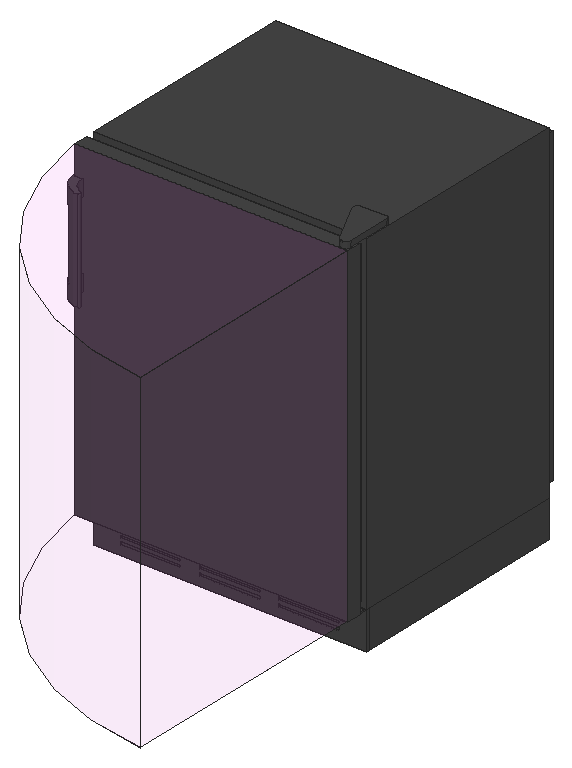
Revit family "QF_Summit_FF7BK_Refrigerator", category Specialty Equipment, Revit 2020
Family settings
  Round Connector Dimension = Use Diameter
  Part Type = Normal
  Work Plane-Based = No
  Always vertical = Yes
  Cut with Voids When Loaded = No
  Shared = No
  Room Calculation Point = No
Parameters
  Weight in Pounds = 100
  Watts = Volts * FL Amps  # 92 W
  Volts = 115 V
  URL Cutsheet = ""
  Specification by User = ""
  Specification by Manufacturer = ""
  Show LHD [instance] = no
  Right Hinged Door [instance] = not(Show LHD)  # yes
  Serial Number = ""
  Seismic Rating = ""
  SMACNA No = ""
  Revision Code = ""
  Refrigerant Volume = 0.00 kip
  Refrigerant Type = "R600a"
  Phase = 1
  Number of Poles = 1
  NAFEM Spec ID Number = ""
  Model = "FF7BK"
  Min Ckt Ampacity = 0 A
  Max Overcurrent Protection = 0 A
  Masterspec = ""
  Manufacturer = "Summit"
  Length = 23 5/8"
  Item Number = ""
  Installed By = ""
  Identify Quantity as Lot = yes
  Height = 33 1/4"
  HP = ""
  Furnished By = ""
  Foodservice Equipment Identifier = yes
  FL Amps = 0.8 A
  Electrical Remarks = ""
  Electric Connection Type = ""
  Elec Conn RI Height = 0"
  Elec Conn Connection Height = 0"
  Description = "Refrigerator"
  Depth = 22 3/4"
  Default Elevation = 0"
  Cycle = 60 Hz
  Conn Plug = ""
  Conn Conduit = yes
  CSI MasterFormat = ""
  BTUH = 0.0 Btu/h
  Apparent Power = if(Phase = 3, Volts * FL Amps * 1.73, Volts * FL Amps)  # 92 VA
Reference planes (in)
  plane 1 "BACK": y = 0
  plane 2: z = 0
  plane 3 "LEFT": x = 0
  plane 4 "RIGHT": x = 23.625
  plane 5 "FRONT": y = -22.75
  plane 6 "TOP": z = 33.25
  plane 7 "Center Y": x = 11.8125
  plane 8 "Center X": y = -11.375
  plane 9: z = 32.75
  plane 10: y = -24.625
  plane 11: y = -45.125
  plane 12: y = -1
  plane 13: y = -20.75
  plane 14: x = 16.625
  plane 15: z = 4
  plane 16: z = 0.75
Forms (in)
  Extrusion 1, solid, material "QF_Clearances_Door_Drawer", visible <- "Right Hinged Door"
    sketch origin (-5.77638, -180, 4) x (0, -1, 0) y (-1, 0, 0)
      loop
        line (-157.25, -29.40138) -> (-134.875, -29.40138)
        arc (-134.875, -29.40138) -> (-141.86215, -13.61076) -> (-157.25, -5.77638) r 25.76959
        line (-157.25, -5.77638) -> (-157.25, -29.40138)
    from 0 to -28.75
  Extrusion 2, solid, material "QF_Metallic_Paint_Black_Smooth"
    sketch origin (-4.07558, -180, 0.875) x (-1, 0, 0) y (0, -1, 0)
      loop
        line (-4.07558, -179) -> (-4.07558, -159.25) -> (-27.70058, -159.25) -> (-27.70058, -179) -> (-4.07558, -179)
    from 3.125 to 31.875
  Extrusion 3, solid, material "QF_Metallic_Paint_Black_Smooth"
    sketch origin (-5.77638, -180, 4.125) x (-1, 0, 0) y (0, -1, 0)
      loop
        line (-5.77638, -157.25) -> (-29.40138, -157.25) -> (-29.40138, -158.5) -> (-5.77638, -158.5) -> (-5.77638, -157.25)
    from -0.125 to 28.625
  Extrusion 4, solid, material "QF_Metallic_Paint_Black_Smooth"
    sketch origin (23.625, -21.5, 4.125) x (-1, 0, 0) y (0, 0, 1)
      loop
        line (0.5, 0.375) -> (23.125, 0.375) -> (23.125, 28.125) -> (0.5, 28.125) -> (0.5, 0.375)
    from 0 to 0.75
  Extrusion 5, solid, material "QF_Metallic_Paint_Black_Smooth", visible <- "Right Hinged Door"
    sketch origin (-5.77638, -180, 32.75) x (-1, 0, 0) y (0, -1, 0)
      loop
        arc (-29.27619, -161.6153) -> (-29.20297, -161.79208) -> (-29.02619, -161.8653) r 0.25
        line (-29.02619, -161.8653) -> (-26.9149, -161.8653)
        arc (-26.9149, -161.8653) -> (-26.55876, -161.66175) -> (-26.55339, -161.25158) r 0.41333
        line (-26.55339, -161.25158) -> (-28.47012, -157.54371)
        arc (-28.47012, -157.54371) -> (-28.95386, -157.33588) -> (-29.27619, -157.75217) r 0.42999
        line (-29.27619, -157.75217) -> (-29.27619, -161.6153)
    from 0 to 0.5
  Extrusion 6, solid, material "QF_Metallic_Paint_Black_Smooth", visible <- "Right Hinged Door"
    sketch origin (-5.77638, -179.75, 4) x (0, 1, 0) y (1, 0, 0)
      loop
        line (159, 29.27619) -> (157.50217, 29.27619)
        arc (157.50217, 29.27619) -> (157.08588, 28.95386) -> (157.29371, 28.47012) r 0.42999
        line (157.29371, 28.47012) -> (159, 27.61413) -> (159, 29.27619)
    from 0 to 0.125
  Extrusion 7, solid, material "QF_Metallic_Paint_Black_Smooth"
    sketch origin (-12.48311, -20.75, 48.125) x (-1, 0, 0) y (0, 0, 1)
      loop
        line (-12.48311, -44.125) -> (-36.10811, -44.125) -> (-36.10811, -47.375) -> (-12.48311, -47.375) -> (-12.48311, -44.125)
      loop
        line (-14.81372, -44.76011) -> (-20.06372, -44.76011) -> (-20.06372, -45.01011) -> (-14.81372, -45.01011) -> (-14.81372, -44.76011)
      loop
        line (-14.81372, -45.26011) -> (-20.06372, -45.26011) -> (-20.06372, -45.51011) -> (-14.81372, -45.51011) -> (-14.81372, -45.26011)
      loop
        line (-14.81372, -45.76011) -> (-20.06372, -45.76011) -> (-20.06372, -46.01011) -> (-14.81372, -46.01011) -> (-14.81372, -45.76011)
      loop
        line (-14.81372, -46.26011) -> (-20.06372, -46.26011) -> (-20.06372, -46.51011) -> (-14.81372, -46.51011) -> (-14.81372, -46.26011)
      loop
        line (-21.68145, -44.76011) -> (-26.93145, -44.76011) -> (-26.93145, -45.01011) -> (-21.68145, -45.01011) -> (-21.68145, -44.76011)
      loop
        line (-21.68145, -45.26011) -> (-26.93145, -45.26011) -> (-26.93145, -45.51011) -> (-21.68145, -45.51011) -> (-21.68145, -45.26011)
      loop
        line (-21.68145, -45.76011) -> (-26.93145, -45.76011) -> (-26.93145, -46.01011) -> (-21.68145, -46.01011) -> (-21.68145, -45.76011)
      loop
        line (-21.68145, -46.26011) -> (-26.93145, -46.26011) -> (-26.93145, -46.51011) -> (-21.68145, -46.51011) -> (-21.68145, -46.26011)
      loop
        line (-33.77749, -44.76011) -> (-33.77749, -45.01011) -> (-28.52749, -45.01011) -> (-28.52749, -44.76011) -> (-33.77749, -44.76011)
      loop
        line (-33.77749, -45.26011) -> (-33.77749, -45.51011) -> (-28.52749, -45.51011) -> (-28.52749, -45.26011) -> (-33.77749, -45.26011)
      loop
        line (-33.77749, -45.76011) -> (-33.77749, -46.01011) -> (-28.52749, -46.01011) -> (-28.52749, -45.76011) -> (-33.77749, -45.76011)
      loop
        line (-33.77749, -46.26011) -> (-33.77749, -46.51011) -> (-28.52749, -46.51011) -> (-28.52749, -46.26011) -> (-33.77749, -46.26011)
    from 0 to 0.25
  Extrusion 8, solid, material "QF_Metallic_Paint_Black_Smooth"
    sketch origin (-12.48311, -1, 48.125) x (-1, 0, 0) y (0, 0, 1)
      loop
        line (-12.48311, -44.125) -> (-36.10811, -44.125) -> (-36.10811, -47.375) -> (-12.48311, -47.375) -> (-12.48311, -44.125)
    from -19.75 to 0
  Extrusion 9, solid, material "QF_Metallic_Paint_Black_Smooth"
    sketch origin (0, 0, 0.125) x (1, 0, 0) y (0, 1, 0)
      loop
        circle (3.1104, -19) r 0.5
      loop
        circle (3.1104, -3.25) r 0.5
      loop
        circle (20.5146, -19) r 0.5
      loop
        circle (20.5146, -3.25) r 0.5
    from -0.125 to 0.625
  Extrusion 10, solid, material "QF_Metallic_Paint_White_Smooth"
    sketch origin (-0.83669, -1, 0.875) x (1, 0, 0) y (0, 0, -1)
      loop
        circle (17.46169, -0.84684) r 0.25
    from 0 to 0.25
  Extrusion 11, solid, material "QF_Metallic_Paint_Black_Smooth"
    sketch origin (0, -0.75, 18.625) x (0, -1, 0) y (1, 0, 0)
      loop
        line (-0.75, 0.5) -> (0.25, 0.5) -> (0.25, 23.125) -> (-0.75, 23.125) -> (-0.75, 0.5)
    from -13.875 to 13.25
  Extrusion 12, solid, material "QF_Metallic_Paint_Black_Smooth", visible <- "Right Hinged Door"
    sketch origin (-4.33192, -180, 21.5) x (-1, 0, 0) y (0, -1, 0)
      loop
        line (-4.99373, -157.25) -> (-4.33192, -157.25) -> (-4.33192, -158.25) -> (-4.20874, -158.25) -> (-4.20874, -157.23514)
        arc (-4.20874, -157.23514) -> (-4.75356, -155.91982) -> (-6.06887, -155.375) r 1.86014
        arc (-6.06887, -155.375) -> (-6.19258, -155.46667) -> (-6.14089, -155.6117) r 0.1293
        arc (-6.14089, -155.6117) -> (-5.31997, -156.25765) -> (-4.99373, -157.25) r 1.80686
    from 0 to 8.75
  Extrusion 13, void
    sketch origin (-0.313, -23.15123, 29.25) x (-0.903686, -0.428195, 0) y (-0.428195, 0.903686, 0)
      loop
        line (-0.6026, 1.26504) -> (-2.35298, 0.43565) -> (-1.6054, -1.14209) -> (0.11167, -1.7551) -> (0.69701, -1.47774) -> (-0.6026, 1.26504)
    from 0.375 to 6.375
  Extrusion 14, solid, material "QF_Clearances_Door_Drawer", visible <- "Show LHD"
    sketch origin (29.40138, -180, 4) x (0, 1, 0) y (1, 0, 0)
      loop
        line (157.25, -29.40138) -> (157.25, -5.77638)
        arc (157.25, -5.77638) -> (141.86215, -13.61076) -> (134.875, -29.40138) r 25.76959
        line (134.875, -29.40138) -> (157.25, -29.40138)
    from 0 to -28.75
  Extrusion 15, solid, material "QF_Metallic_Paint_Black_Smooth", visible <- "Show LHD"
    sketch origin (29.40138, -180, 32.75) x (1, 0, 0) y (0, 1, 0)
      loop
        line (-29.27619, 161.6153) -> (-29.27619, 157.75217)
        arc (-29.27619, 157.75217) -> (-28.95386, 157.33588) -> (-28.47012, 157.54371) r 0.42999
        line (-28.47012, 157.54371) -> (-26.55339, 161.25158)
        arc (-26.55339, 161.25158) -> (-26.55876, 161.66175) -> (-26.9149, 161.8653) r 0.41333
        line (-26.9149, 161.8653) -> (-29.02619, 161.8653)
        arc (-29.02619, 161.8653) -> (-29.20297, 161.79208) -> (-29.27619, 161.6153) r 0.25
    from 0 to 0.5
  Extrusion 16, solid, material "QF_Metallic_Paint_Black_Smooth", visible <- "Show LHD"
    sketch origin (29.40138, -179.75, 4) x (0, -1, 0) y (-1, 0, 0)
      loop
        line (-159, 29.27619) -> (-159, 27.61413) -> (-157.29371, 28.47012)
        arc (-157.29371, 28.47012) -> (-157.08588, 28.95386) -> (-157.50217, 29.27619) r 0.42999
        line (-157.50217, 29.27619) -> (-159, 29.27619)
    from 0 to 0.125
  Extrusion 17, solid, material "QF_Metallic_Paint_Black_Smooth", visible <- "Show LHD"
    sketch origin (27.95692, -180, 21.5) x (1, 0, 0) y (0, 1, 0)
      loop
        arc (-4.99373, 157.25) -> (-5.31997, 156.25765) -> (-6.14089, 155.6117) r 1.80686
        arc (-6.14089, 155.6117) -> (-6.19258, 155.46667) -> (-6.06887, 155.375) r 0.1293
        arc (-6.06887, 155.375) -> (-4.75356, 155.91982) -> (-4.20874, 157.23514) r 1.86014
        line (-4.20874, 157.23514) -> (-4.20874, 158.25) -> (-4.33192, 158.25) -> (-4.33192, 157.25) -> (-4.99373, 157.25)
    from 0 to 8.75
  Extrusion 18, void
    sketch origin (23.938, -23.15123, 29.25) x (-0.903686, 0.428195, 0) y (0.428195, 0.903686, 0)
      loop
        line (0.6026, 1.26504) -> (-0.69701, -1.47774) -> (-0.11167, -1.7551) -> (1.6054, -1.14209) -> (2.35298, 0.43565) -> (0.6026, 1.26504)
    from 0.375 to 6.375
Cuts and joins
  Extrusion 13, Extrusion 18 cuts Extrusion 12
  Extrusion 18 cuts Extrusion 17
Lines and regions (in)
  symbolic lines
    curve 1: line (23.625, -1, 0) -> (0, -1, 0)
    curve 2: line (0.5, 0, 0) -> (0.5, -1, 0)
    curve 3: line (23.125, 0, 0) -> (0.5, 0, 0)
    curve 4: line (23.125, -1, 0) -> (23.125, 0, 0)
    curve 5: line (0, -1, 0) -> (0, -20.75, 0)
    curve 6: line (23.625, -20.75, 0) -> (23.625, -1, 0)
    curve 7: line (0, -20.75, 0) -> (0.12518, -20.75, 0)
    curve 14: line (23.49982, -20.75, 0) -> (23.625, -20.75, 0)
    curve 15: line (23.625, -21.5, 0) -> (23.49982, -21.5, 0)
    curve 16: line (0, -22.75, 0) -> (23.625, -22.75, 0)
    curve 17: line (0, -21.5, 0) -> (0, -22.75, 0)
    curve 18: line (23.625, -22.75, 0) -> (23.625, -21.5, 0)
    curve 19: line (22.1994, -21.5, 0) -> (1.4256, -21.5, 0)
    curve 41: line (1.8133, -20.75, 0) -> (21.8117, -20.75, 0)
    curve 44: line (0.12518, -21.5, 0) -> (0, -21.5, 0)
  symbolic lines, visible <- "Right Hinged Door"
    curve 8: line (20.77701, -18.74842, 0) -> (22.69374, -22.45629, 0)
    curve 9: arc (22.69374, -22.45629, 0) -> (23.17748, -22.66412, 0) -> (23.49982, -22.24783, 0) r 0.42999
    curve 10: line (23.49982, -22.24783, 0) -> (23.49982, -18.3847, 0)
    curve 11: arc (23.49982, -18.3847, 0) -> (23.42659, -18.20792, 0) -> (23.24982, -18.1347, 0) r 0.25
    curve 12: line (23.24982, -18.1347, 0) -> (21.13852, -18.1347, 0)
    curve 13: arc (21.13852, -18.1347, 0) -> (20.78238, -18.33825, 0) -> (20.77701, -18.74842, 0) r 0.41333
    curve 20: line (-0.12318, -21.75, 0) -> (0, -21.75, 0)
    curve 21: line (-0.12318, -21.75, 0) -> (-0.12318, -22.76486, 0)
    curve 22: arc (-0.12318, -22.76486, 0) -> (0.42164, -24.08018, 0) -> (1.73695, -24.625, 0) r 1.86014
    curve 23: arc (1.80897, -24.3883, 0) -> (0.98805, -23.74235, 0) -> (0.66182, -22.75, 0) r 1.80686
    curve 24: arc (1.73695, -24.625, 0) -> (1.86066, -24.53333, 0) -> (1.80897, -24.3883, 0) r 0.1293
    curve 25: line (0.5, -20.75, 0) -> (0.5, -21.5, 0)
    curve 42: line (0.12518, -20.75, 0) -> (1.8133, -20.75, 0)
    curve 43: line (1.4256, -21.5, 0) -> (0.12518, -21.5, 0)
  symbolic lines, style "QF_Clearances_Door_Drawer", visible <- "Right Hinged Door"
    curve 26: arc (4.25515, -33.93319, 0) -> (1.46951, -28.59198, 0) -> (0, -22.75, 0) r 25.76959
    curve 27: line (23.625, -22.75, 0) -> (4.25515, -33.93319, 0)
  symbolic lines, visible <- "Show LHD"
    curve 28: line (2.84799, -18.74842, 0) -> (0.93126, -22.45629, 0)
    curve 29: arc (0.93126, -22.45629, 0) -> (0.44752, -22.66412, 0) -> (0.12518, -22.24783, 0) r 0.42999
    curve 30: line (0.12518, -22.24783, 0) -> (0.12518, -18.3847, 0)
    curve 31: arc (0.12518, -18.3847, 0) -> (0.19841, -18.20792, 0) -> (0.37518, -18.1347, 0) r 0.25
    curve 32: line (0.37518, -18.1347, 0) -> (2.48648, -18.1347, 0)
    curve 33: arc (2.48648, -18.1347, 0) -> (2.84262, -18.33825, 0) -> (2.84799, -18.74842, 0) r 0.41333
    curve 34: line (23.74818, -21.75, 0) -> (23.625, -21.75, 0)
    curve 35: line (23.74818, -21.75, 0) -> (23.74818, -22.76486, 0)
    curve 36: arc (23.74818, -22.76486, 0) -> (23.20336, -24.08018, 0) -> (21.88805, -24.625, 0) r 1.86014
    curve 37: arc (21.81603, -24.3883, 0) -> (22.63695, -23.74235, 0) -> (22.96318, -22.75, 0) r 1.80686
    curve 38: arc (21.88805, -24.625, 0) -> (21.76434, -24.53333, 0) -> (21.81603, -24.3883, 0) r 0.1293
    curve 45: line (23.125, -20.75, 0) -> (23.125, -21.5, 0)
    curve 46: line (23.49982, -20.75, 0) -> (21.8117, -20.75, 0)
    curve 47: line (22.1994, -21.5, 0) -> (23.49982, -21.5, 0)
  symbolic lines, style "QF_Clearances_Door_Drawer", visible <- "Show LHD"
    curve 39: arc (19.36985, -33.93319, 0) -> (22.15549, -28.59198, 0) -> (23.625, -22.75, 0) r 25.76959
    curve 40: line (0, -22.75, 0) -> (19.36985, -33.93319, 0)
Dimensions and locks (in)
  equal spacing: plane 3 "LEFT", plane 7 "Center Y", plane 4 "RIGHT"
  "Length": plane 3 "LEFT" to plane 4 "RIGHT"
  equal spacing: plane 5 "FRONT", plane 8 "Center X", plane 1 "BACK"
  "Depth": plane 5 "FRONT" to plane 1 "BACK"
  "Height": plane 6 "TOP" to level
  plane 4 "RIGHT" to plane 3 "LEFT" = 23 5/8"
  locked: plane 6 "TOP" to plane 9 at 0.5
  locked: plane 10 to plane 5 "FRONT" at 1.875
  plane 1 "BACK" to plane 12 = 1"
  plane 12 to plane 13 = 19 3/4"
  plane 9 to plane 2 = 32 3/4"
  plane 11 to plane 1 "BACK" = 45 1/8"
  locked: plane 15 to plane 16 at 3.25
  plane 16 to plane 2 = 3/4"
  plane 14 to plane 4 "RIGHT" = 7"
  aligned and locked: level to plane 2
Automatic sketch dimensions
  Extrusion 1 sketch curve to plane 3 "LEFT" = 0"
  plane 5 "FRONT" to Extrusion 1 sketch curve = 0"
  Extrusion 1 sketch curve to plane 4 "RIGHT" = 0"
  Extrusion 1 sketch curve to plane 11 = 0"
  plane 13 to Extrusion 1 sketch curve = 1.32225"
  Extrusion 2 sketch curve to plane 4 "RIGHT" = 0"
  Extrusion 2 sketch curve to plane 3 "LEFT" = 0"
  Extrusion 2 sketch curve to plane 12 = 0"
  Extrusion 2 sketch curve to plane 13 = 0"
  Extrusion 3 sketch curve to plane 4 "RIGHT" = 0"
  Extrusion 3 sketch curve to plane 3 "LEFT" = 0"
  plane 5 "FRONT" to Extrusion 3 sketch curve = 0"
  Extrusion 3 sketch curve to plane 13 = 3/4"
  Extrusion 3 to Extrusion 4 sketch curve = 1/2"  (x3)
  Extrusion 4 sketch curve to Extrusion 3 = 1/2"
  Extrusion 5 sketch curve to Extrusion 3 = 0.12518"
  Extrusion 5 sketch curve to Extrusion 5 sketch curve = 1/4"
  Extrusion 5 sketch curve to Extrusion 5 sketch curve = 0.42999"
  Extrusion 5 sketch curve to Extrusion 3 = 0.29371"
  Extrusion 5 sketch curve to Extrusion 5 sketch curve = 0.37608"
  Extrusion 5 sketch curve to Extrusion 5 sketch curve = 2.1113"
  Extrusion 5 sketch curve to Extrusion 5 sketch curve = 0.36151"
  Extrusion 3 to Extrusion 5 sketch curve = 2.75158"
  Extrusion 5 sketch curve to Extrusion 5 sketch curve = 0.20039"
  Extrusion 6 sketch curve to plane 13 = 0"
  Extrusion 6 sketch curve to plane 5 "FRONT" = 0.50217"
  Extrusion 6 sketch curve to plane 5 "FRONT" = 0.29371"
  plane 4 "RIGHT" to Extrusion 6 sketch curve = 0.12518"
  Extrusion 6 sketch curve to Extrusion 6 sketch curve = 0.42999"
  Extrusion 6 sketch curve to Extrusion 6 sketch curve = 1.66207"
  plane 4 "RIGHT" to Extrusion 7 sketch curve = 0"
  Extrusion 7 sketch curve to plane 3 "LEFT" = 0"
  Extrusion 7 sketch curve to plane 16 = 0"
  Extrusion 7 sketch curve to plane 15 = 0"
  Extrusion 7 sketch curve to plane 15 = 0.88511"
  plane 4 "RIGHT" to Extrusion 7 sketch curve = 2.33062"
  Extrusion 7 sketch curve to Extrusion 7 sketch curve = 0"  (x18)
  plane 14 to Extrusion 7 sketch curve = 0.58062"
  Extrusion 7 sketch curve to Extrusion 7 sketch curve = 1.59604"
  Extrusion 7 sketch curve to plane 15 = 1.13511"
  Extrusion 7 sketch curve to plane 7 "Center Y" = 2.61416"
  Extrusion 7 sketch curve to Extrusion 7 sketch curve = 1.61773"
  plane 3 "LEFT" to Extrusion 7 sketch curve = 2.33062"
  plane 16 to Extrusion 7 sketch curve = 0.86489"  (x3)
  Extrusion 7 sketch curve to Extrusion 7 sketch curve = 1/4"  (x19)
  plane 4 "RIGHT" to Extrusion 8 sketch curve = 0"
  Extrusion 8 sketch curve to plane 3 "LEFT" = 0"
  Extrusion 8 sketch curve to plane 16 = 0"
  Extrusion 8 sketch curve to plane 15 = 0"
  plane 3 "LEFT" to Extrusion 9 sketch curve = 3.1104"  (x2)
  plane 4 "RIGHT" to Extrusion 9 sketch curve = 3.1104"  (x2)
  plane 13 to Extrusion 9 sketch curve = 1 3/4"  (x2)
  Extrusion 9 sketch curve to plane 12 = 2 1/4"  (x2)
  Extrusion 10 sketch curve to Extrusion 2 = 2.27816"
  Extrusion 10 sketch curve to Extrusion 2 = 7"
  plane 1 "BACK" to Extrusion 11 sketch curve = 0"
  Extrusion 11 sketch curve to plane 12 = 0"
  plane 3 "LEFT" to Extrusion 11 sketch curve = 1/2"
  plane 4 "RIGHT" to Extrusion 11 sketch curve = 1/2"
  Extrusion 12 sketch curve to plane 10 = 0"  (x2)
  plane 5 "FRONT" to Extrusion 12 sketch curve = 0"
  Extrusion 12 sketch curve to plane 3 "LEFT" = 0"
  Extrusion 12 sketch curve to Extrusion 12 sketch curve = 0.66182"
  plane 10 to Extrusion 12 sketch curve = 0.1293"
  plane 3 "LEFT" to Extrusion 12 sketch curve = 1.73695"
  Extrusion 12 sketch curve to plane 5 "FRONT" = 0.04402"
  Extrusion 12 sketch curve to Extrusion 12 sketch curve = 0.73118"
  Extrusion 12 sketch curve to plane 3 "LEFT" = 0.12318"
  Extrusion 12 sketch curve to Extrusion 12 sketch curve = 1"
  Extrusion 13 sketch curve to plane 5 "FRONT" = 1"
  plane 3 "LEFT" to Extrusion 13 sketch curve = 1.62682"
  Extrusion 13 sketch curve to Extrusion 13 sketch curve = 0.74758"
  Extrusion 13 sketch curve to Extrusion 13 sketch curve = 1.75038"
  Extrusion 13 sketch curve to Extrusion 13 sketch curve = 1.71708"
  Extrusion 13 sketch curve to Extrusion 13 sketch curve = 0.58534"
  Extrusion 13 sketch curve to Extrusion 13 sketch curve = 0.82939"
  Extrusion 14 sketch curve to plane 3 "LEFT" = 0"
  Extrusion 14 sketch curve to plane 11 = 0"
  plane 5 "FRONT" to Extrusion 14 sketch curve = 0"
  Extrusion 14 sketch curve to plane 4 "RIGHT" = 0"
  plane 13 to Extrusion 14 sketch curve = 1.32225"
  Extrusion 15 sketch curve to Extrusion 3 = 0.12518"
  Extrusion 15 sketch curve to Extrusion 15 sketch curve = 1/4"
  Extrusion 15 sketch curve to Extrusion 15 sketch curve = 0.42999"
  Extrusion 15 sketch curve to Extrusion 3 = 0.29371"
  Extrusion 15 sketch curve to Extrusion 15 sketch curve = 0.37608"
  Extrusion 15 sketch curve to Extrusion 15 sketch curve = 2.1113"
  Extrusion 15 sketch curve to Extrusion 15 sketch curve = 0.36151"
  Extrusion 3 to Extrusion 15 sketch curve = 2.75158"
  Extrusion 15 sketch curve to Extrusion 15 sketch curve = 0.20039"
  Extrusion 16 sketch curve to plane 13 = 0"
  plane 3 "LEFT" to Extrusion 16 sketch curve = 0.12518"
  Extrusion 16 sketch curve to plane 5 "FRONT" = 0.50217"
  Extrusion 16 sketch curve to plane 5 "FRONT" = 0.29371"
  Extrusion 16 sketch curve to Extrusion 16 sketch curve = 0.42999"
  Extrusion 16 sketch curve to Extrusion 16 sketch curve = 1.66207"
  plane 10 to Extrusion 17 sketch curve = 0"  (x2)
  plane 5 "FRONT" to Extrusion 17 sketch curve = 0"
  Extrusion 17 sketch curve to plane 4 "RIGHT" = 0"
  Extrusion 17 sketch curve to Extrusion 17 sketch curve = 0.66182"
  plane 10 to Extrusion 17 sketch curve = 0.1293"
  plane 4 "RIGHT" to Extrusion 17 sketch curve = 1.73695"
  Extrusion 17 sketch curve to plane 5 "FRONT" = 0.04402"
  Extrusion 17 sketch curve to Extrusion 17 sketch curve = 0.73118"
  Extrusion 17 sketch curve to plane 4 "RIGHT" = 0.12318"
  Extrusion 17 sketch curve to Extrusion 17 sketch curve = 1"
  Extrusion 18 sketch curve to plane 10 = 0.1601"
  Extrusion 18 sketch curve to plane 4 "RIGHT" = 0.31012"
  Extrusion 18 sketch curve to Extrusion 18 sketch curve = 0.58534"
  Extrusion 18 sketch curve to Extrusion 18 sketch curve = 1.29962"
  Extrusion 18 sketch curve to Extrusion 18 sketch curve = 1.71708"
  Extrusion 18 sketch curve to Extrusion 18 sketch curve = 0.74758"
  Extrusion 18 sketch curve to Extrusion 18 sketch curve = 0.33566"
  curve 1 to plane 3 "LEFT" = 0"
  curve 20 to plane 3 "LEFT" = 0"
  curve 7 to plane 13 = 0"
  curve 42 to plane 13 = 0"
  plane 1 "BACK" to curve 2 = 0"
  curve 2 to plane 12 = 0"
  plane 5 "FRONT" to curve 23 = 0"
  curve 22 to plane 10 = 0"
  curve 24 to plane 10 = 0"
  curve 41 to plane 13 = 0"
  curve 46 to plane 13 = 0"
  plane 10 to curve 38 = 0"
  plane 10 to curve 36 = 0"
  curve 14 to plane 13 = 0"
  curve 39 to plane 4 "RIGHT" = 0"
  curve 6 to plane 4 "RIGHT" = 0"
  curve 20 to plane 3 "LEFT" = 0.12318"
  curve 39 to plane 3 "LEFT" = 1.92954"
  plane 3 "LEFT" to curve 30 = 0.12518"
  curve 30 to curve 32 = 1/4"
  plane 3 "LEFT" to curve 2 = 1/2"
  curve 30 to curve 29 = 0.42999"
  curve 28 to plane 5 "FRONT" = 0.29371"
  curve 29 to curve 28 = 0.37608"
  curve 19 to plane 13 = 3/4"
  curve 29 to curve 19 = 0.49434"
  plane 5 "FRONT" to curve 22 = 0.01486"
  curve 23 to plane 5 "FRONT" = 0.04402"
  curve 22 to curve 23 = 0.73118"
  curve 31 to curve 33 = 2.1113"
  plane 13 to curve 28 = 2.00158"
  plane 3 "LEFT" to curve 27 = 4.25515"
  curve 40 to plane 14 = 2.74485"
  plane 4 "RIGHT" to curve 8 = 2.84799"
  curve 8 to curve 12 = 0.36151"
  curve 37 to plane 5 "FRONT" = 0.04402"
  plane 4 "RIGHT" to curve 37 = 2.46814"
  plane 5 "FRONT" to curve 36 = 0.01486"
  curve 37 to curve 36 = 0.73118"
  curve 8 to plane 5 "FRONT" = 0.29371"
  curve 36 to curve 8 = 0.8057"
  curve 9 to curve 9 = 0.37608"
  plane 4 "RIGHT" to curve 4 = 1/2"
  plane 4 "RIGHT" to curve 11 = 0.37518"
  plane 4 "RIGHT" to curve 10 = 0.12518"
  curve 26 to plane 4 "RIGHT" = 1.92954"
  curve 40 to curve 38 = 9.30819"
  curve 27 to curve 24 = 9.30819"
  curve 22 to curve 24 = 0.1293"
  curve 36 to curve 38 = 0.1293"
  curve 29 to curve 21 = 0.49783"
  curve 9 to curve 34 = 0.49783"
  curve 34 to curve 15 = 1/4"
  curve 20 to curve 43 = 1/4"
  curve 44 to curve 43 = 0"
  plane 13 to curve 8 = 2.00158"
  curve 33 to curve 33 = 0.20039"
  curve 13 to curve 13 = 0.20039"
  curve 7 to curve 25 = 0.37482"
  curve 23 to curve 28 = 0.26944"
  curve 37 to curve 38 = 0.07202"
  curve 47 to curve 19 = 0"
  curve 45 to curve 14 = 0.37482"
  radius of Extrusion 9 sketch curve = 1/2"  (x4)
  radius of Extrusion 10 sketch curve = 1/4"
Connectors (in)
  electrical at (16.625, -0.75, 1.72184), driven by "Volts", driven by "Watts"
    settings: on Extrusion 10, index 3, voltage 115 V, apparent load 92 VA, apparent load phase1 0 VA, apparent load phase2 0 VA, apparent load phase3 0 VA, power factor 1, load classification "Other", number of poles 1, system type 30, power factor state 1, is connector primary yes, connector utility no, sub classification motor no, connector description ""
